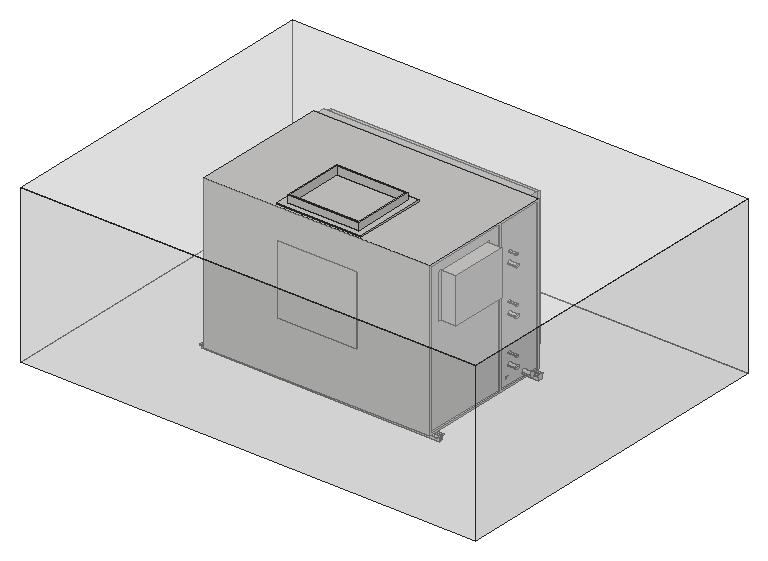
Revit family "outputfile", category 機械設備, Revit 2024
Family settings
  丸型コネクタ寸法 = 半径を使用
  パーツ タイプ = 標準
  OmniClass 番号 = 23.75.10.24.21.27.27
  OmniClass タイトル = Split System Air Conditioning Units
  作業面ベース = いいえ
  常に垂直 = はい
  ロード時にボイドで切り取り = いいえ
  注釈の向きを維持 = いいえ
  共有 = いいえ
  部屋計算ポイント = はい
Parameters (values of type "3FGN300HTL")
  Description = ""
  書き出し IFC クラス(タイプ) = "IfcUnitaryEquipmentType"
  定義済み IFC タイプ(タイプ) = "AIRCONDITIONINGUNIT"
  Cost = 0
  Type Comments = ""
  Keynote = ""
  Type Image = (empty or 0)
  Assembly Code = ""
  switch_frequency = yes
  lw_power = 930 mm
  lw_frontpanel = 620 mm
  lw_box_front = lw_box + 18 mm  # 115 mm
  lw_box = 97 mm
  lw_RA = 853 mm
  lh_liquidpipe_3 = 267 mm
  lh_liquidpipe_2 = 626 mm
  lh_height_SA = 482 mm
  lh_ld_mountinghole_height = 35 mm
  lh_height_RA = 1073 mm
  lh_hangerfixture = 35 mm
  lh_gaspipe_3 = 187 mm
  lh_gaspipe_2 = 546 mm
  lh_frontpanel_bottom = if(Width = 1766 mm, 444 mm, if(Width = 2022 mm, 479 mm, 402 mm))  # 444 mm
  lh_frontpanel = if(Width = 1766 mm, 542 mm, if(Width = 2022 mm, 542 mm, 758 mm))  # 542 mm
  lh_circlevoid = 100.5 mm
  lh_box_top = 95 mm
  lh_box = 351 mm
  lh_SA = 1291 mm
  lh_RA = 659.5 mm
  ld_void = 680 mm
  ld_frontpanel = 0 mm
  ld_depth_SA = 301 mm
  ld_depth_RA = 130 mm
  ld_circlevoid = 294.5 mm
  ld_box_left = 115 mm
  ld_box = 490 mm
  connector_voltage = Voltage_60Hz  # 220 V
  connector_powerinput = [Power Input (Cooling)]  # 31.410 kW
  connector_phase = Phase_60Hz  # 3
  製造元 = "Daikin"
  モデル = "3FGN300HTL"
  w_pipe = 33 mm
  r_Liquid Pipe Size = Liquid Pipe Size / 2  # 6.35 mm
  r_Gas Pipe Size = Gas Pipe Size / 2  # 12.7 mm
  r_Drain Pipe Size = Drain Pipe Size / 2  # 17.0 mm
  lw_powersupply = lw_power  # 930 mm
  lw_width_RA = 1636 mm
  lw_width_SA = 560 mm
  lh_suctionflange [instance] = 100 mm
  ld_suctionflange [instance] = 190 mm
  ld_powersupply = 200 mm
  angle_vertical_RA [instance] = 90.00°
  angle horizontal_RA [instance] = 180.00°
  Voltage_comment_60Hz = "220"
  Voltage_60Hz = 220 V
  URL = ""
  Sound Power Level_H speed (dB) = 0
  Phase_60Hz = 3
  Minimum External Static Pressure = 0.00 Pa
  Minimum Circuit Amps_60Hz = 0.0 A
  Maximum Fuse Amps_60Hz = 0.0 A
  Maximum External Static Pressure = 200.00 Pa
  Material_Casing = DAIKIN_GalvanizedSteel_Casing_indoorunit
  lw_liquidpipe = 933 mm
  lw_gaspipe = 933 mm
  lw_mountinghole_pitch = 1826 mm
  lw_mountinghole = 1866 mm
  lw_drainpipe = 933 mm
  lh_powersupply = 785 mm
  lh_liquidpipe = 981 mm
  lh_gaspipe = 901 mm
  lh_mountinghole = 5 mm
  lh_drainpipe = 73 mm
  lh_antena = Height - 4 mm  # 1227 mm
  ld_liquidpipe = 262.5 mm
  ld_gaspipe = 262.5 mm
  ld_mountinghole_pitch = 974 mm
  ld_drainpipe = 405.5 mm
  ld_controlbox = 626 mm
  h*** = 0 mm  # constant formula
  d_dischargeflange = 60 mm
  Width = 1766 mm
  Version = "ver.1.0"
  Unit Type = "Duct"
  Unit Mass Weight = 337.00 kg
  Unit Designation [instance] = ""
  Uniclass2015Version = "Products v1.30"
  Uniclass2015Title = "Split coil room air conditioning units"
  Uniclass2015Code = "Pr_70_65_03_86"
  Total Cooling Capacity [instance] = 0.000 kW
  Sound Pressure Level_M speed (dBA) = 0
  Sound Pressure Level_L speed (dBA) = 0
  Sound Pressure Level_H speed (dBA) = 66
  Series = "Package Aircon_Fan Coil Unit"
  Sensible Cooling Capacity [instance] = 0.000 kW
  SA Duct Size Width = 560 mm
  SA Duct Size Height = 482 mm
  Refrigerant Type = "R410A"
  RA Duct Size Width = 1636 mm
  RA Duct Size Height = 1073 mm
  Power Input (Cooling) = 31.410 kW
  Option Accessory 3 [instance] = ""
  Option Accessory 2 [instance] = ""
  Option Accessory 1 [instance] = ""
  Nominal Cooling Capacity = 87.925 kW
  Minimum Airflow = 0.00 m³/h
  Median Airflow = 0.00 m³/h
  Maximum Airflow = 15291.00 m³/h
  Load Classification = HVAC
  Liquid Pipe Size = 12.7 mm
  Link_Nested Family [instance] = ""
  IfcVersion = ""
  IfcExportType = "AIRCONDITIONINGUNIT"
  IfcExportAs = "IfcUnitaryEquipmentType"
  Height = 1231 mm
  Heat Exchanger Type = "Cross Fin Coil"
  Gas Pipe Size = 25.4 mm
  Frequency_60Hz = 60 Hz
  Fan Type = "Sirocco Fan"
  Fan Drive = "-"
  FCU Tag No. [instance] = ""
  Drain Pipe Size = 34.0 mm
  Design Supply Airflow [instance] = 0.00 m³/h
  Design Return Airflow [instance] = 0.00 m³/h
  Design External Static Pressure [instance] = 0.00 Pa
  Depth = 1069 mm
  既定の高さ = 0 mm
  Cooling Entering Wet Bulb Temperature [instance] = 0.00 °C
  Cooling Entering Dry Bulb Temperature [instance] = 0.00 °C
  Cooling Ambient Wet Bulb Temperature [instance] = 0.00 °C
  Cooling Ambient Dry Bulb Temperature [instance] = 0.00 °C
  Clearance visibility [instance] = yes
  Clearance Top = 0 mm
  Clearance Right = 1000 mm
  Clearance Rear = 800 mm
  Clearance Left = 800 mm
  Clearance Front = 800 mm
  Clearance Bottom = 0 mm
Reference planes
  plane 1 "Center (Front/Back)": y = 0
  plane 2: z = 0
  plane 3 "Center (Left/Right)": x = 0
  plane 4 "Back": y = 534.5
  plane 5 "Front": y = -534.5
  plane 6 "Left": x = -883
  plane 7 "Right": x = 883
  plane 8 "Top": z = 0
  plane 9 "Bottom": z = -1231
  plane 10: z = -250
  plane 11: z = -330
  plane 12: x = -913
  plane 13: x = 913
  plane 14: x = 933
  plane 15: x = 933
  plane 16: z = -1226
  plane 17 "Clearance Left": x = -1683
  plane 18 "Clearance Right": x = 1883
  plane 19 "Clearance Rear": y = 1334.5
  plane 20 "Clearance Front": y = -1334.5
  plane 21 "Clearance Bottom": z = -1231
  plane 22: z = -1158
  plane 23 "ld_gas": y = 262.5
  plane 24: y = 262.5
  plane 25: y = -30
  plane 26: y = 405.5
  plane 27: y = 344.5
  plane 28: x = 933
  plane 29: y = 487
  plane 30: y = -487
  plane 31: y = -233.5
  plane 32: y = 664.5
  plane 33 "Clearance Top": z = 0
  plane 34: z = -446
  plane 35: y = -200
  plane 36 "hangerfixture": z = -1196
  plane 37 "lh_SA": z = 60
  plane 38 "lh_RA": z = -571.5
  plane 39 "RA_center": x = -30
  plane 40: y = -524.5
  plane 41: y = 155.5
  plane 42: y = 524.5
  plane 43: z = -10
  plane 44: z = -1186
  plane 45: y = 165.5
  plane 46: y = -524.5
  plane 47: y = 155.5
  plane 48: y = 524.5
  plane 49: z = -10
  plane 50: z = -1186
  plane 51: y = 165.5
  plane 52: x = 865
  plane 53: x = 980
  plane 54: y = -419.5
  plane 55: y = -399.5
  plane 56: y = 50.5
  plane 57: y = 70.5
  plane 58 "box_bottom": z = -446
  plane 59 "box_top": z = -95
  plane 60: x = -310
  plane 61: x = 310
  plane 62: y = -534.5
  plane 63: y = -524.5
  plane 64 "lw_power": x = 930
  plane 65: z = -605
  plane 66: z = -685
  plane 67: z = -964
  plane 68: z = -1044
  plane 69: x = 863
  plane 70: x = -863
  plane 71: z = -787
  plane 72: z = -245
Forms (mm)
  Extrusion 1, solid, material "DAIKIN_GalvanizedSteel_Casing_indoorunit" <- "Material_Casing"
    sketch origin (0, -0.8, 0) x (1, 0, 0) y (0, 1, 0)
      loop
        line (-883, -533.7) -> (883, -533.7) -> (883, 535.3) -> (-883, 535.3) -> (-883, -533.7)
    from -1196 to 0
  Revolve 2, solid, material "DAIKIN_GalvanizedSteel_Casing_indoorunit" <- "Material_Casing"
    sketch origin (0, 0, -330) x (0, -1, 0) y (1, 0, 0)
      loop
        line (-249.8, 863) -> (-249.8, 933) -> (-262.5, 933) -> (-262.5, 863) -> (-249.8, 863)
      axis (-262.5, 863) -> (-262.5, 933)
    angle from 0 to 360
  Revolve 3, solid, material "DAIKIN_GalvanizedSteel_Casing_indoorunit" <- "Material_Casing"
    sketch origin (0, 0, -250) x (0, -1, 0) y (1, 0, 0)
      loop
        line (-262.5, 863) -> (-262.5, 933) -> (-268.85, 933) -> (-268.85, 863) -> (-262.5, 863)
      axis (-262.5, 933) -> (-262.5, 863)
    angle from 0 to 360
  Extrusion 4, solid, material "DAIKIN_GalvanizedSteel_Casing_indoorunit" <- "Material_Casing"
    sketch origin (0, 0, 0) x (0, 1, 0) y (0, 0, 1)
      loop
        circle (405.5, -1158) r 17
    from 933 to 863
  Extrusion 5, void
    sketch origin (883, 0, 0) x (0, 1, 0) y (0, 0, 1)
      loop
        line (-524.5, -10) -> (-524.5, -1186) -> (155.5, -1186) -> (155.5, -10) -> (-524.5, -10)
      loop
        line (524.5, -10) -> (165.5, -10) -> (165.5, -1186) -> (524.5, -1186) -> (524.5, -10)
    from 0 to -20
  Extrusion 6, void
    sketch origin (-883, 0, 0) x (0, 1, 0) y (0, 0, 1)
      loop
        line (-524.5, -10) -> (-524.5, -1186) -> (155.5, -1186) -> (155.5, -10) -> (-524.5, -10)
      loop
        line (524.5, -10) -> (165.5, -10) -> (165.5, -1186) -> (524.5, -1186) -> (524.5, -10)
    from 0 to 20
  Extrusion 7, solid, material "DAIKIN_GalvanizedSteel_Casing_indoorunit" <- "Material_Casing"
    sketch origin (0, 0, 0) x (1, 0, 0) y (0, 1, 0)
      loop
        line (863, -419.5) -> (865, -419.5) -> (865, -399.5) -> (980, -399.5) -> (980, 50.5) -> (865, 50.5) -> (865, 70.5) -> (863, 70.5) -> (863, -419.5)
    from -446 to -95
  Extrusion 8, solid, material "DAIKIN_GalvanizedSteel_Casing_indoorunit" <- "Material_Casing"
    sketch origin (0, 0, -1231) x (-1, 0, 0) y (0, -1, 0)
      loop
        line (310, 524.5) -> (310, 534.5) -> (-310, 534.5) -> (-310, 524.5) -> (310, 524.5)
    from 444 to 986
  Revolve 9, solid, material "DAIKIN_GalvanizedSteel_Casing_indoorunit" <- "Material_Casing"
    sketch origin (0, 0, -685) x (0, -1, 0) y (1, 0, 0)
      loop
        line (-249.8, 863) -> (-249.8, 933) -> (-262.5, 933) -> (-262.5, 863) -> (-249.8, 863)
      axis (-262.5, 863) -> (-262.5, 933)
    angle from 0 to 360
  Revolve 10, solid, material "DAIKIN_GalvanizedSteel_Casing_indoorunit" <- "Material_Casing"
    sketch origin (0, 0, -605) x (0, -1, 0) y (1, 0, 0)
      loop
        line (-262.5, 863) -> (-262.5, 933) -> (-268.85, 933) -> (-268.85, 863) -> (-262.5, 863)
      axis (-262.5, 933) -> (-262.5, 863)
    angle from 0 to 360
  Extrusion 11, void
    sketch origin (883, 0, 0) x (0, 1, 0) y (0, 0, 1)
      loop
        circle (240, -1130.5) r 13.5
    from -21 to 0
  Revolve 12, solid, material "DAIKIN_GalvanizedSteel_Casing_indoorunit" <- "Material_Casing"
    sketch origin (0, 0, -1044) x (0, -1, 0) y (1, 0, 0)
      loop
        line (-249.8, 863) -> (-249.8, 933) -> (-262.5, 933) -> (-262.5, 863) -> (-249.8, 863)
      axis (-262.5, 863) -> (-262.5, 933)
    angle from 0 to 360
  Revolve 13, solid, material "DAIKIN_GalvanizedSteel_Casing_indoorunit" <- "Material_Casing"
    sketch origin (0, 0, -964) x (0, -1, 0) y (1, 0, 0)
      loop
        line (-262.5, 863) -> (-262.5, 933) -> (-268.85, 933) -> (-268.85, 863) -> (-262.5, 863)
      axis (-262.5, 933) -> (-262.5, 863)
    angle from 0 to 360
Cuts and joins
  Extrusion 5, Extrusion 6, Extrusion 11 cuts Extrusion 1
  Extrusion 6 cuts Revolve 2
  Extrusion 6 cuts Revolve 3
  Extrusion 6 cuts Extrusion 4
Dimensions and locks
  equal spacing: plane 12, plane 3 "Center (Left/Right)", plane 13
  "lw_mountinghole_pitch": plane 12 to plane 13
  "lh_liquidpipe": plane 10 to plane 9 "Bottom"
  "lh_gaspipe": plane 11 to plane 9 "Bottom"
  equal spacing: plane 6 "Left", plane 3 "Center (Left/Right)", plane 7 "Right"
  "Width": plane 6 "Left" to plane 7 "Right"
  "Clearance Right": plane 7 "Right" to plane 18 "Clearance Right"
  "Clearance Left": plane 17 "Clearance Left" to plane 6 "Left"
  "Clearance Rear": plane 19 "Clearance Rear" to plane 4 "Back"
  "Clearance Front": plane 5 "Front" to plane 20 "Clearance Front"
  "Depth": plane 4 "Back" to plane 5 "Front"
  equal spacing: plane 4 "Back", plane 1 "Center (Front/Back)", plane 5 "Front"
  "ld_suctionflange": plane 4 "Back" to plane 27
  "r_Liquid Pipe Size": nested 5 to Revolve 3 sketch curve
  equal spacing: plane 29, plane 1 "Center (Front/Back)", plane 30
  "ld_mountinghole_pitch": plane 29 to plane 30
  "lw_liquidpipe": plane 3 "Center (Left/Right)" to plane 14
  "lw_gaspipe": plane 3 "Center (Left/Right)" to plane 15
  "lw_drainpipe": plane 3 "Center (Left/Right)" to plane 28
  "lh_drainpipe": plane 22 to plane 9 "Bottom"
  "Clearance Top": plane 33 "Clearance Top" to plane 8 "Top"
  "Clearance Bottom": plane 9 "Bottom" to plane 21 "Clearance Bottom"
  "lh_powersupply": plane 34 to plane 9 "Bottom"
  plane 8 "Top" to level = 0 mm
  "lh_hangerfixture": plane 36 "hangerfixture" to plane 9 "Bottom"
  "lh_SA": plane 37 "lh_SA" to plane 9 "Bottom"
  "ld_depth_RA": plane 32 to plane 4 "Back"
  "lh_RA": plane 38 "lh_RA" to plane 9 "Bottom"
  "lw_RA": plane 6 "Left" to plane 39 "RA_center"
  locked: plane 36 "hangerfixture" to plane 44 at 10
  plane 5 "Front" to plane 40 = 10 mm
  locked: plane 8 "Top" to plane 43 at 10
  plane 42 to plane 4 "Back" = 10 mm
  "ld_void": plane 40 to plane 41
  "ld_void": plane 46 to plane 47
  plane 5 "Front" to plane 46 = 10 mm
  plane 48 to plane 4 "Back" = 10 mm
  locked: plane 8 "Top" to plane 49 at 10
  locked: plane 50 to plane 36 "hangerfixture" at 10
  "ld_box_left": plane 54 to plane 5 "Front"
  "ld_box": plane 57 to plane 54
  locked: plane 55 to plane 54 at 20
  locked: plane 57 to plane 56 at 20
  "lw_box": plane 7 "Right" to plane 53
  "lh_box_top": plane 8 "Top" to plane 59 "box_top"
  "lh_box": plane 59 "box_top" to plane 58 "box_bottom"
  equal spacing: plane 60, plane 3 "Center (Left/Right)", plane 61
  "lw_power": plane 3 "Center (Left/Right)" to plane 64 "lw_power"
  "lh_gaspipe_2": plane 66 to plane 9 "Bottom"
  "lh_liquidpipe_2": plane 65 to plane 9 "Bottom"
  "ld_powersupply": plane 35 to plane 1 "Center (Front/Back)"
  "ld_drainpipe": plane 26 to plane 1 "Center (Front/Back)"
  "ld_gaspipe": plane 23 "ld_gas" to plane 1 "Center (Front/Back)"
  "r_Gas Pipe Size": plane 23 "ld_gas" to Revolve 9 sketch curve
  "r_Gas Pipe Size": plane 23 "ld_gas" to Revolve 2 sketch curve
  "r_Liquid Pipe Size": Revolve 10 sketch curve to plane 24
  "ld_liquidpipe": plane 24 to plane 1 "Center (Front/Back)"
  "ld_depth_SA": plane 31 to plane 5 "Front"
  "lh_circlevoid": Extrusion 11 sketch curve to plane 9 "Bottom"
  "Height": plane 8 "Top" to plane 9 "Bottom"
  "lh_mountinghole": plane 16 to plane 9 "Bottom"
  "lh_gaspipe_3": plane 68 to plane 9 "Bottom"
  "lh_liquidpipe_3": plane 67 to plane 9 "Bottom"
  "ld_circlevoid": Extrusion 11 sketch curve to plane 4 "Back"
  "lw_box_front": plane 52 to plane 53
  locked: plane 69 to plane 7 "Right" at 20
  locked: plane 6 "Left" to plane 70 at 20
  "lh_frontpanel_bottom": plane 71 to plane 9 "Bottom"
  "lh_frontpanel": plane 72 to plane 71
  "r_Gas Pipe Size": plane 24 to Revolve 12 sketch curve
  "r_Liquid Pipe Size": Revolve 13 sketch curve to plane 24
  "lw_frontpanel": plane 60 to plane 61
  locked: plane 63 to plane 5 "Front" at 10
  "ld_frontpanel": plane 5 "Front" to plane 62
  locked: plane 41 to plane 45 at 10
  locked: plane 47 to plane 51 at 10
  "r_Drain Pipe Size": radius of Extrusion 4 sketch curve
  diameter of Extrusion 11 sketch curve = 27 mm
  aligned and locked: level to plane 2
  aligned and locked: plane 8 "Top" to Extrusion 1
  aligned and locked: Revolve 2 sketch curve to Revolve 2 sketch curve
  aligned and locked: plane 14 to nested 5
  aligned and locked: nested 5 to plane 10
  aligned and locked: plane 13 to nested 2
  aligned and locked: plane 12 to nested 3
  aligned and locked: plane 12 to nested 4
  aligned and locked: nested 6 to plane 11
  aligned and locked: plane 23 "ld_gas" to nested 6
  aligned and locked: plane 24 to nested 5
  aligned and locked: Extrusion 4 sketch curve to plane 26
  aligned and locked: nested 10 to plane 19 "Clearance Rear"
  aligned and locked: nested 10 to plane 18 "Clearance Right"
  aligned and locked: nested 10 to plane 17 "Clearance Left"
  aligned and locked: nested 10 to plane 20 "Clearance Front"
  aligned and locked: plane 28 to Extrusion 4
  aligned and locked: plane 15 to nested 6  (x2)
  aligned and locked: plane 13 to nested 1
  aligned and locked: plane 26 to nested 7
  aligned and locked: nested 7 to plane 22
  aligned and locked: nested 7 to plane 28
  aligned and locked: plane 29 to nested 1
  aligned and locked: plane 30 to nested 2
  aligned and locked: nested 4 to plane 29
  aligned and locked: nested 3 to plane 30
  aligned and locked: nested 9 to plane 4 "Back"
  aligned and locked: plane 32 to nested 13
  aligned and locked: plane 3 "Center (Left/Right)" to nested 12
  aligned and locked: nested 10 to plane 33 "Clearance Top"
  aligned and locked: nested 10 to plane 21 "Clearance Bottom"
  aligned and locked: nested 11 to plane 9 "Bottom"
  aligned and locked: plane 36 "hangerfixture" to Extrusion 1
  aligned and locked: Extrusion 1 to plane 5 "Front"
  aligned and locked: Extrusion 1 to plane 4 "Back"
  aligned and locked: plane 38 "lh_RA" to nested 9
  aligned and locked: nested 13 to plane 38 "lh_RA"
  aligned and locked: plane 39 "RA_center" to nested 9
  aligned and locked: nested 13 to plane 39 "RA_center"
  aligned and locked: Extrusion 5 sketch curve to plane 43
  aligned and locked: Extrusion 5 sketch curve to plane 40
  aligned and locked: plane 44 to Extrusion 5 sketch curve
  aligned and locked: Extrusion 5 sketch curve to plane 41
  aligned and locked: plane 43 to Extrusion 5 sketch curve
  aligned and locked: Extrusion 5 sketch curve to plane 42
  aligned and locked: Extrusion 5 sketch curve to plane 44
  aligned and locked: Extrusion 5 sketch curve to plane 45
  aligned and locked: Extrusion 6 sketch curve to plane 49
  aligned and locked: Extrusion 6 sketch curve to plane 46
  aligned and locked: plane 50 to Extrusion 6 sketch curve
  aligned and locked: Extrusion 6 sketch curve to plane 47
  aligned and locked: plane 49 to Extrusion 6 sketch curve
  aligned and locked: Extrusion 6 sketch curve to plane 48
  aligned and locked: Extrusion 6 sketch curve to plane 50
  aligned and locked: Extrusion 6 sketch curve to plane 51
  aligned and locked: cut or joined group of Extrusion 1, Extrusion 5, Extrusion 6, Extrusion 11 to Extrusion 7 sketch curve
  aligned and locked: plane 57 to Extrusion 7 sketch curve
  aligned and locked: plane 53 to Extrusion 7 sketch curve
  aligned and locked: Extrusion 7 sketch curve to plane 54
  aligned and locked: plane 59 "box_top" to Extrusion 7
  aligned and locked: Extrusion 7 to plane 58 "box_bottom"
  aligned and locked: Extrusion 8 sketch curve to plane 63
  aligned and locked: Extrusion 8 sketch curve to plane 60
  aligned and locked: plane 62 to Extrusion 8 sketch curve
  aligned and locked: plane 61 to Extrusion 8 sketch curve
  aligned and locked: Revolve 9 sketch curve to Revolve 9 sketch curve
  aligned and locked: nested 15 to plane 65
  aligned and locked: nested 16 to plane 66
  aligned and locked: plane 14 to Revolve 10
  aligned and locked: nested 15 to plane 14
  aligned and locked: plane 15 to cut or joined group of Revolve 2, Extrusion 6  (x3)
  aligned and locked: cut or joined group of Revolve 2, Extrusion 6 to plane 15
  aligned and locked: nested 14 to plane 35
  aligned and locked: Revolve 2 sketch curve to plane 23 "ld_gas"
  aligned and locked: plane 23 "ld_gas" to nested 16
  aligned and locked: plane 24 to nested 15
  aligned and locked: plane 37 "lh_SA" to nested 12
  aligned and locked: plane 37 "lh_SA" to nested 8
  aligned and locked: plane 31 to nested 12
  aligned and locked: plane 31 to nested 8
  aligned and locked: cut or joined group of Extrusion 1, Extrusion 5, Extrusion 6, Extrusion 11 to cut or joined group of Extrusion 4, Extrusion 6
  aligned and locked: cut or joined group of Extrusion 1, Extrusion 5, Extrusion 6, Extrusion 11 to Revolve 10
  aligned and locked: Revolve 9 to cut or joined group of Extrusion 1, Extrusion 5, Extrusion 6, Extrusion 11
  aligned and locked: cut or joined group of Extrusion 1, Extrusion 5, Extrusion 6, Extrusion 11 to cut or joined group of Revolve 3, Extrusion 6
  aligned and locked: cut or joined group of Revolve 2, Extrusion 6 to cut or joined group of Extrusion 1, Extrusion 5, Extrusion 6, Extrusion 11
  aligned and locked: plane 52 to Extrusion 7 sketch curve
  aligned and locked: Extrusion 7 sketch curve to plane 55
  aligned and locked: Extrusion 7 sketch curve to plane 56
  aligned and locked: Extrusion 7 sketch curve to plane 52
  aligned and locked: nested 14 to plane 64 "lw_power"
  aligned and locked: nested 14 to plane 34
  aligned and locked: Revolve 12 sketch curve to Revolve 12 sketch curve
  aligned and locked: nested 17 to plane 67
  aligned and locked: nested 18 to plane 68
  aligned and locked: plane 70 to cut or joined group of Extrusion 1, Extrusion 5, Extrusion 6, Extrusion 11
  aligned and locked: Extrusion 5 to plane 69
  aligned and locked: plane 24 to nested 17
  aligned and locked: plane 23 "ld_gas" to nested 18
  aligned and locked: Extrusion 8 to plane 71
  aligned and locked: plane 72 to Extrusion 8
Automatic sketch dimensions
  Extrusion 1 sketch curve to plane 4 "Back" = 0 mm
  Extrusion 1 sketch curve to plane 6 "Left" = 0 mm
  Extrusion 1 sketch curve to plane 5 "Front" = 0 mm
  Extrusion 1 sketch curve to plane 7 "Right" = 0 mm
  Revolve 3 sketch curve to plane 23 "ld_gas" = 0 mm  (x2)
  Revolve 3 sketch curve to plane 14 = 0 mm  (x2)
  Revolve 3 sketch curve to plane 7 "Right" = 20 mm
  plane 7 "Right" to Revolve 3 sketch curve = 15 mm
  Extrusion 4 sketch curve to plane 22 = 0 mm
  Revolve 10 sketch curve to plane 23 "ld_gas" = 0 mm  (x2)
  Revolve 10 sketch curve to plane 14 = 0 mm  (x2)
  Revolve 10 sketch curve to plane 7 "Right" = 20 mm
  plane 7 "Right" to Revolve 10 sketch curve = 15 mm
  Revolve 13 sketch curve to plane 14 = 0 mm  (x2)
  Revolve 13 sketch curve to plane 23 "ld_gas" = 0 mm  (x2)
  Revolve 13 sketch curve to plane 7 "Right" = 20 mm
  plane 7 "Right" to Revolve 13 sketch curve = 15 mm
  Revolve 2 sketch curve to plane 69 = 0 mm
  Revolve 2 sketch curve to plane 14 = 0 mm
  plane 7 "Right" to Revolve 2 sketch curve = 2.003 mm
  plane 14 to Revolve 2 sketch curve = 1.003 mm
  Revolve 9 sketch curve to plane 23 "ld_gas" = 0 mm
  Revolve 9 sketch curve to plane 69 = 0 mm
  Revolve 9 sketch curve to plane 14 = 0 mm
  plane 7 "Right" to Revolve 9 sketch curve = 2.003 mm
  plane 14 to Revolve 9 sketch curve = 1.003 mm
  Revolve 12 sketch curve to plane 23 "ld_gas" = 0 mm
  Revolve 12 sketch curve to plane 69 = 0 mm
  Revolve 12 sketch curve to plane 14 = 0 mm
  plane 7 "Right" to Revolve 12 sketch curve = 2.003 mm
  plane 14 to Revolve 12 sketch curve = 1.003 mm
Nested families
  nested 1: "daikin_mountinghole" at (913, 487, -1231), Link_Nested Family <- "Link_Nested Family", h_mountinghole <- "lh_mountinghole", l_antenna <- "lh_antena", type "daikin_mountinghole"
    with show yes, l_antenna 1227 mm, h_mountinghole 5 mm, Link_Nested Family "", d_circle 23 mm
  nested 2: "daikin_mountinghole" at (913, -487, -1231), Link_Nested Family <- "Link_Nested Family", h_mountinghole <- "lh_mountinghole", l_antenna <- "lh_antena", type "daikin_mountinghole"
    with show yes, l_antenna 1227 mm, h_mountinghole 5 mm, Link_Nested Family "", d_circle 23 mm
  nested 3: "daikin_mountinghole" at (-913, -487, -1231), Link_Nested Family <- "Link_Nested Family", h_mountinghole <- "lh_mountinghole", l_antenna <- "lh_antena", type "daikin_mountinghole"
    with show yes, l_antenna 1227 mm, h_mountinghole 5 mm, Link_Nested Family "", d_circle 23 mm
  nested 4: "daikin_mountinghole" at (-913, 487, -1231), Link_Nested Family <- "Link_Nested Family", h_mountinghole <- "lh_mountinghole", l_antenna <- "lh_antena", type "daikin_mountinghole"
    with show yes, l_antenna 1227 mm, h_mountinghole 5 mm, Link_Nested Family "", d_circle 23 mm
  nested 5: "daikin_connector_rotate2" at (0, 262.5, -250) x (0, 1, 0) z (0, 0, 1), length <- "lw_liquidpipe", built-in parameter 1001364 <- "lh_liquidpipe", radius <- "r_Liquid Pipe Size", type "daikin_connector_rotate2"
    with radius 6.35 mm, length 933 mm, angle_vertical 90.00°
  nested 6: "daikin_connector_rotate2" at (0, 262.5, -330) x (0, 1, 0) z (0, 0, 1), length <- "lw_gaspipe", built-in parameter 1001364 <- "lh_gaspipe", radius <- "r_Gas Pipe Size", type "daikin_connector_rotate2"
    with radius 12.7 mm, length 933 mm, angle_vertical 90.00°
  nested 7: "daikin_connector_rotate2" at (0, 405.5, -1158) x (0, 1, 0) z (0, 0, 1), built-in parameter 1001364 <- "lh_drainpipe", length <- "lw_drainpipe", radius <- "r_Drain Pipe Size", type "daikin_connector_rotate2"
    with radius 17 mm, length 933 mm, angle_vertical 90.00°
  nested 8: "daikin_connector_rotate2" at (0, -233.5, 0) x (1, 0, 0) z (0, 1, 0), length <- "d_dischargeflange", type "daikin_connector_rotate2"
    with radius 10 mm, length 60 mm, angle_vertical 90.00°
  nested 9: "daikin_ductflange_3FGN-HTL" at (-30, 534.5, -571.5), material <- "Material_Casing", width <- "lw_width_RA", height <- "lh_height_RA", depth <- "ld_depth_RA", type "daikin_ductflange_3FGN-HTL"
    with x 15 mm, width 1636 mm, material DAIKIN_GalvanizedSteel_Casing_indoorunit, height 1073 mm, depth 130 mm
  nested 10: "daikin_clearancespace" at (100, 0, -615.381), visible <- "Clearance visibility", show <- "Clearance visibility", Link_Nested Family <- "Link_Nested Family", type "daikin_clearancespace"
    with width 3566 mm, show yes, height 1231 mm, depth 2669 mm, Link_Nested Family ""
  nested 11: "daikin_hangerfixture_3FGN-HTL" at (0, 0, -1231), type "daikin_hangerfixture_3FGN-HTL"
  nested 12: "daikin_ductflange_3FGN-HTL_1" at (0, -422.901, 0) x (1, 0, 0) z (0, 1, 0), width <- "lw_width_SA", material <- "Material_Casing", height <- "lh_height_SA", depth <- "d_dischargeflange", type "daikin_ductflange_3FGN-HTL_1"
    with width 560 mm, t 10 mm, material DAIKIN_GalvanizedSteel_Casing_indoorunit, height 482 mm, depth 60 mm
  nested 13: "daikin_connector_rotate2" at (-30, 534.5, -571.5) x (-1, 0, 0) z (0, 0, 1), length <- "ld_depth_RA", type "daikin_connector_rotate2"
    with radius 10 mm, length 130 mm, angle_vertical 90.00°
  nested 14: "daikin_connector_rotate2" at (930, -200, -95) x (0, 1, 0) z (1, 0, 0), length <- "lh_box", type "daikin_connector_rotate2"
    with radius 10 mm, length 351 mm, angle_vertical 90.00°
  nested 15: "daikin_connector_rotate2" at (0, 262.5, -605) x (0, 1, 0) z (0, 0, 1), length <- "lw_liquidpipe", built-in parameter 1001364 <- "lh_liquidpipe", radius <- "r_Liquid Pipe Size", type "daikin_connector_rotate2"
    with radius 6.35 mm, length 933 mm, angle_vertical 90.00°
  nested 16: "daikin_connector_rotate2" at (0, 262.5, -685) x (0, 1, 0) z (0, 0, 1), length <- "lw_gaspipe", built-in parameter 1001364 <- "lh_gaspipe", radius <- "r_Gas Pipe Size", type "daikin_connector_rotate2"
    with radius 12.7 mm, length 933 mm, angle_vertical 90.00°
  nested 17: "daikin_connector_rotate2" at (0, 262.5, -964) x (0, 1, 0) z (0, 0, 1), length <- "lw_liquidpipe", built-in parameter 1001364 <- "lh_liquidpipe", radius <- "r_Liquid Pipe Size", type "daikin_connector_rotate2"
    with radius 6.35 mm, length 933 mm, angle_vertical 90.00°
  nested 18: "daikin_connector_rotate2" at (0, 262.5, -1044) x (0, 1, 0) z (0, 0, 1), length <- "lw_gaspipe", built-in parameter 1001364 <- "lh_gaspipe", radius <- "r_Gas Pipe Size", type "daikin_connector_rotate2"
    with radius 12.7 mm, length 933 mm, angle_vertical 90.00°
Connectors
  piping at (933, 262.5, -330), diameter 25.4, driven by "r_Gas Pipe Size"
    settings: on nested 6, index 1, connector inside diameter 609.6 mm, connector length 0 mm, flow factor 0, pipe flow 0.00 m³/h, pressure drop 0.0 Pa, fitting loss kfactor 0, connector angle 0.00°, fixture units 0, engagement length 0 mm, angle of deflection 0.00°, flow configuration 1, flow direction 2, fitting loss method 0, system type 29, joint type 0, gender type 0, connector reference index -1, connector utility 0, adjustable connector no, is connector primary yes, connector description "Refrigerant Gas Piping"
  piping at (933, 262.5, -250), diameter 12.7, driven by "r_Liquid Pipe Size"
    settings: on nested 5, index 2, connector inside diameter 609.6 mm, connector length 0 mm, flow factor 0, pipe flow 0.00 m³/h, pressure drop 0.0 Pa, fitting loss kfactor 0, connector angle 0.00°, fixture units 0, engagement length 0 mm, angle of deflection 0.00°, flow configuration 1, flow direction 1, fitting loss method 0, system type 29, joint type 0, gender type 0, connector reference index -1, connector utility 0, adjustable connector no, is connector primary no, connector description "Refrigerant Liquid Piping"
  piping at (933, 405.5, -1158), diameter 34, driven by "r_Drain Pipe Size"
    settings: on nested 7, index 3, connector inside diameter 609.6 mm, connector length 0 mm, flow factor 0, pipe flow 0.00 m³/h, pressure drop 0.0 Pa, fitting loss kfactor 0, connector angle 0.00°, fixture units 0, engagement length 0 mm, angle of deflection 0.00°, flow configuration 1, flow direction 2, fitting loss method 4, system type 16, joint type 0, gender type 0, connector reference index -1, connector utility 0, adjustable connector no, is connector primary no, connector description "Condensate Drain Piping"
  hvac at (0, -233.5, 60), driven by "SA Duct Size Height", driven by "SA Duct Size Width"
    settings: on nested 8, index 7, duct flow 0.00 m³/h, flow factor 0, pres drop 0.00 Pa, loss coef 0, conn angle 0.00°, conn width 560.0 mm, conn height 482.0 mm, conn diameter 609.6 mm, duct sys type 1, conn prof type 1, flow config 0, flow direction 2, loss method 4, conn ref index -1, conn util no, is conn primary yes, conn desc "SA Duct"
  hvac at (-30, 664.5, -571.5), driven by "RA Duct Size Width", driven by "RA Duct Size Height"
    settings: on nested 13, index 8, duct flow 0.00 m³/h, flow factor 0, pres drop 0.00 Pa, loss coef 0, conn angle 0.00°, conn width 1636.0 mm, conn height 1073.0 mm, conn diameter 609.6 mm, duct sys type 2, conn prof type 1, flow config 0, flow direction 1, loss method 4, conn ref index -1, conn util no, is conn primary no, conn desc "RA Duct"
  electrical at (930, -200, -446), driven by "Load Classification", driven by "connector_phase", driven by "connector_powerinput", driven by "connector_voltage"
    settings: on nested 14, index 9, voltage 220 V, apparent load 31410 VA, apparent load phase1 0 VA, apparent load phase2 0 VA, apparent load phase3 0 VA, power factor 1, load classification "HVAC", number of poles 3, system type 30, power factor state 1, is connector primary yes, connector utility no, sub classification motor no, connector description "Power Supply"
  piping at (933, 262.5, -685), diameter 25.4, driven by "r_Gas Pipe Size"
    settings: on nested 16, index 10, connector inside diameter 609.6 mm, connector length 0 mm, flow factor 0, pipe flow 0.00 m³/h, pressure drop 0.0 Pa, fitting loss kfactor 0, connector angle 0.00°, fixture units 0, engagement length 0 mm, angle of deflection 0.00°, flow configuration 1, flow direction 2, fitting loss method 0, system type 29, joint type 0, gender type 0, connector reference index -1, connector utility 0, adjustable connector no, is connector primary no, connector description "Refrigerant Gas Piping"
  piping at (933, 262.5, -605), diameter 12.7, driven by "r_Liquid Pipe Size"
    settings: on nested 15, index 11, connector inside diameter 609.6 mm, connector length 0 mm, flow factor 0, pipe flow 0.00 m³/h, pressure drop 0.0 Pa, fitting loss kfactor 0, connector angle 0.00°, fixture units 0, engagement length 0 mm, angle of deflection 0.00°, flow configuration 1, flow direction 1, fitting loss method 0, system type 29, joint type 0, gender type 0, connector reference index -1, connector utility 0, adjustable connector no, is connector primary no, connector description "Refrigerant Liquid Piping"
  piping at (933, 262.5, -1044), diameter 25.4, driven by "r_Gas Pipe Size"
    settings: on nested 18, index 12, connector inside diameter 609.6 mm, connector length 0 mm, flow factor 0, pipe flow 0.00 m³/h, pressure drop 0.0 Pa, fitting loss kfactor 0, connector angle 0.00°, fixture units 0, engagement length 0 mm, angle of deflection 0.00°, flow configuration 1, flow direction 2, fitting loss method 0, system type 29, joint type 0, gender type 0, connector reference index -1, connector utility 0, adjustable connector no, is connector primary no, connector description "Refrigerant Gas Piping"
  piping at (933, 262.5, -964), diameter 12.7, driven by "r_Liquid Pipe Size"
    settings: on nested 17, index 13, connector inside diameter 609.6 mm, connector length 0 mm, flow factor 0, pipe flow 0.00 m³/h, pressure drop 0.0 Pa, fitting loss kfactor 0, connector angle 0.00°, fixture units 0, engagement length 0 mm, angle of deflection 0.00°, flow configuration 1, flow direction 1, fitting loss method 0, system type 29, joint type 0, gender type 0, connector reference index -1, connector utility 0, adjustable connector no, is connector primary no, connector description "Refrigerant Liquid Piping"
Definition of nested family "daikin_ductflange_3FGN-HTL"
  Parameters (values of type "daikin_ductflange_2FGN-HTL")
    x [instance] = if(width = 1636 mm, 15 mm, 35 mm)  # 15 mm
    width [instance] = 1636 mm
    material [instance] = none
    height [instance] = 747 mm
    depth [instance] = 130 mm
    Default Elevation = 0 mm
  Reference planes
    plane 1 "Center (Front/Back)": y = 0
    plane 2: z = 0
    plane 3 "Center (Left/Right)": x = 0
    plane 4: x = -818
    plane 5: x = 818
    plane 6: z = 373.5
    plane 7: z = -373.5
    plane 8: y = 80
    plane 9: y = 130
    plane 10: x = -813
    plane 11: x = 813
    plane 12: z = -368.5
    plane 13: z = 368.5
    plane 14: x = -833
    plane 15: x = 833
    plane 16: z = 393.5
    plane 17: z = -380
  Forms (mm)
    Extrusion 1, solid, material <- "material"
      sketch origin (0, 0, 0) x (1, 0, 0) y (0, 0, 1)
        loop
          line (-833, 393.5) -> (-833, -380) -> (833, -380) -> (833, 393.5) -> (-833, 393.5)
        loop
          line (-813, 368.5) -> (-813, -368.5) -> (813, -368.5) -> (813, 368.5) -> (-813, 368.5)
      from 0 to -80
    Extrusion 2, solid, material <- "material"
      sketch origin (0, 0, 0) x (1, 0, 0) y (0, 0, 1)
        loop
          line (-818, 373.5) -> (-818, -373.5) -> (818, -373.5) -> (818, 373.5) -> (-818, 373.5)
        loop
          line (813, 368.5) -> (-813, 368.5) -> (-813, -368.5) -> (813, -368.5) -> (813, 368.5)
      from -130 to -80
  Cuts and joins
    joined: Extrusion 1, Extrusion 2
  Dimensions and locks
    equal spacing: plane 5, plane 3 "Center (Left/Right)", plane 4
    "width": plane 5 to plane 4
    equal spacing: plane 6, level, plane 7
    "height": plane 6 to plane 7
    locked: plane 1 "Center (Front/Back)" to plane 8 at 80
    "depth": plane 1 "Center (Front/Back)" to plane 9
    plane 6 to plane 13 = 5 mm
    plane 12 to plane 7 = 5 mm
    plane 5 to plane 11 = 5 mm
    plane 10 to plane 4 = 5 mm
    "x": plane 4 to plane 14
    "x": plane 15 to plane 5
    locked: plane 16 to plane 6 at 20
    locked: plane 7 to plane 17 at 6.5
    aligned and locked: level to plane 2
    aligned and locked: Extrusion 1 to plane 8
    aligned and locked: plane 1 "Center (Front/Back)" to Extrusion 1
    aligned and locked: Extrusion 2 to plane 9
    aligned and locked: Extrusion 2 to Extrusion 1
    aligned and locked: plane 13 to Extrusion 2 sketch curve
    aligned and locked: plane 11 to Extrusion 2 sketch curve
    aligned and locked: Extrusion 2 sketch curve to plane 12
    aligned and locked: Extrusion 2 sketch curve to plane 10
    aligned and locked: Extrusion 1 sketch curve to plane 16
    aligned and locked: plane 14 to Extrusion 1 sketch curve
    aligned and locked: plane 17 to Extrusion 1 sketch curve
    aligned and locked: Extrusion 1 sketch curve to plane 15
  Automatic sketch dimensions
    Extrusion 2 sketch curve to plane 4 = 0 mm
    Extrusion 2 sketch curve to plane 5 = 0 mm
    Extrusion 2 sketch curve to plane 7 = 0 mm
    Extrusion 2 sketch curve to plane 6 = 0 mm
    plane 4 to Extrusion 1 sketch curve = 5 mm
    Extrusion 1 sketch curve to plane 5 = 5 mm
    plane 7 to Extrusion 1 sketch curve = 5 mm
    Extrusion 1 sketch curve to plane 6 = 5 mm
Definition of nested family "daikin_clearancespace"
  Parameters (values of type "daikin_clearancespace")
    Description = "daikin_clearancespace"
    width [instance] = 1823.963 mm
    show [instance] = yes
    material = none
    height [instance] = 1359.762 mm
    depth [instance] = 880 mm
    Default Elevation = 0 mm
    Link_Nested Family [instance] = ""
  Reference planes
    plane 1 "Center (Front/Back)": y = 0
    plane 2 "Center (Elevation)": z = -0.119
    plane 3 "Center (Left/Right)": x = 0
    plane 4: y = 440
    plane 5: y = -440
    plane 6 "Right": x = 911.982
    plane 7 "Left": x = -911.982
    plane 8 "Top": z = 679.762
    plane 9 "Bottom": z = -680
  Forms (mm)
    Extrusion 1, solid, material <- "material", visible <- "show"
      sketch origin (0, 0, 0) x (1, 0, 0) y (0, 1, 0)
        loop
          line (-911.982, 440) -> (-911.982, -440) -> (911.982, -440) -> (911.982, 440) -> (-911.982, 440)
      from -680 to 679.762
  Lines and regions (mm)
    symbolic lines, visible <- "show"
      curve 1: line (911.982, 440, 0) -> (-911.982, 440, 0)
      curve 2: line (-911.982, 440, 0) -> (-911.982, -440, 0)
      curve 3: line (-911.982, -440, 0) -> (911.982, -440, 0)
      curve 4: line (911.982, -440, 0) -> (911.982, 440, 0)
      curve 5: line (911.982, 0, 679.762) -> (-911.982, 0, 679.762)
      curve 6: line (911.982, 0, -680) -> (911.982, 0, 679.762)
      curve 7: line (-911.982, 0, -680) -> (911.982, 0, -680)
      curve 8: line (-911.982, 0, 679.762) -> (-911.982, 0, -680)
      curve 9: line (0, 440, 679.762) -> (0, -440, 679.762)
      curve 10: line (0, -440, 679.762) -> (0, -440, -680)
      curve 11: line (0, 440, -680) -> (0, 440, 679.762)
      curve 12: line (0, -440, -680) -> (0, 440, -680)
  Dimensions and locks
    "width": plane 7 "Left" to plane 6 "Right"
    "depth": plane 4 to plane 5
    "height": plane 8 "Top" to plane 9 "Bottom"
    equal spacing: plane 7 "Left", plane 3 "Center (Left/Right)", plane 6 "Right"
    equal spacing: plane 4, plane 1 "Center (Front/Back)", plane 5
    equal spacing: plane 8 "Top", plane 2 "Center (Elevation)", plane 9 "Bottom"
    aligned and locked: level to plane 2 "Center (Elevation)"
    aligned and locked: Extrusion 1 sketch curve to plane 4
    aligned and locked: plane 7 "Left" to Extrusion 1 sketch curve
    aligned and locked: Extrusion 1 sketch curve to plane 5
    aligned and locked: Extrusion 1 sketch curve to plane 6 "Right"
    aligned and locked: plane 8 "Top" to Extrusion 1
    aligned and locked: curve 1 to Extrusion 1
    aligned and locked: curve 2 to Extrusion 1
    aligned and locked: curve 3 to Extrusion 1
    aligned and locked: curve 4 to Extrusion 1
    aligned and locked: curve 5 to Extrusion 1
    aligned and locked: curve 6 to Extrusion 1
    aligned and locked: curve 7 to Extrusion 1
    aligned and locked: curve 8 to Extrusion 1
    aligned and locked: curve 9 to Extrusion 1
    aligned and locked: curve 10 to Extrusion 1
    aligned and locked: curve 11 to Extrusion 1
    aligned and locked: curve 12 to Extrusion 1
    aligned and locked: Extrusion 1 to plane 9 "Bottom"
Definition of nested family "daikin_hangerfixture_3FGN-HTL"
  Parameters (values of type "daikin_hangerfixture_2FGN-HTL")
    width = 1826 mm
    material = none
    height = 35 mm
    e = 40 mm
    depth = 974 mm
    Default Elevation = 0 mm
    G = 1866 mm
    E = 50 mm
  Reference planes
    plane 1 "Center (Front/Back)": y = 0
    plane 2: z = 0
    plane 3 "Center (Left/Right)": x = 0
    plane 4: x = 913
    plane 5: x = -913
    plane 6: z = 35
    plane 7: y = 487
    plane 8: y = -487
    plane 9: x = -933
    plane 10: x = 933
    plane 11: y = 527
    plane 12: y = -527
  Forms (mm)
    Extrusion 1, solid
      sketch origin (0, 0, 0) x (0, 1, 0) y (0, 0, 1)
        loop
          line (-499.93, 0) -> (-474.07, 0) -> (-474.07, 30) -> (-463.449, 30) -> (-463.449, 35) -> (-479.07, 35) -> (-479.07, 5) -> (-494.93, 5) -> (-494.93, 35) -> (-512.86, 35) -> (-512.86, 30) -> (-499.93, 30) -> (-499.93, 0)
        loop
          line (499.93, 0) -> (499.93, 30) -> (512.86, 30) -> (512.86, 35) -> (494.93, 35) -> (494.93, 5) -> (479.07, 5) -> (479.07, 35) -> (463.449, 35) -> (463.449, 30) -> (474.07, 30) -> (474.07, 0) -> (499.93, 0)
      from -933 to 933
    Extrusion 2, void
      sketch origin (0, 0, 0) x (1, 0, 0) y (0, 1, 0)
        loop
          circle (-913, 487) r 7.5
        loop
          circle (-913, -487) r 7.5
        loop
          circle (913, -487) r 7.5
        loop
          circle (913, 487) r 7.5
      from 0 to 9
  Cuts and joins
    Extrusion 2 cuts Extrusion 1
  Dimensions and locks
    "width": plane 5 to plane 4
    equal spacing: plane 5, plane 3 "Center (Left/Right)", plane 4
    "depth": plane 8 to plane 7
    equal spacing: plane 8, plane 1 "Center (Front/Back)", plane 7
    "height": plane 6 to level
    "e": plane 7 to plane 11
    "e": plane 12 to plane 8
    equal spacing: plane 9, plane 3 "Center (Left/Right)", plane 10
    "G": plane 9 to plane 10
    Extrusion 1 sketch curve to Extrusion 1 sketch curve to Extrusion 1 sketch curve to plane 8 to Extrusion 1 sketch curve to Extrusion 1 sketch curve to Extrusion 1 sketch curve = 12.93 mm locked, 5 mm locked, 7.93 mm locked, 7.93 mm locked, 5 mm locked, 10.621 mm locked
    Extrusion 1 sketch curve to Extrusion 1 sketch curve to Extrusion 1 sketch curve to plane 7 to Extrusion 1 sketch curve to Extrusion 1 sketch curve to Extrusion 1 sketch curve = 10.621 mm locked, 5 mm locked, 7.93 mm locked, 7.93 mm locked, 5 mm locked, 12.93 mm locked
    aligned and locked: level to plane 2
    aligned and locked: Extrusion 1 to plane 9
    aligned and locked: plane 10 to Extrusion 1
    aligned and locked: plane 7 to Extrusion 2 sketch curve  (x2)
    aligned and locked: plane 5 to Extrusion 2 sketch curve  (x2)
    aligned and locked: plane 8 to Extrusion 2 sketch curve  (x2)
    aligned and locked: plane 4 to Extrusion 2 sketch curve  (x2)
  Automatic sketch dimensions
    Extrusion 1 sketch curve to plane 6 = 0 mm  (x4)
    Extrusion 1 sketch curve to level = 0 mm  (x2)
    Extrusion 1 sketch curve to plane 6 = 5 mm  (x3)
    level to Extrusion 1 sketch curve = 5 mm  (x2)
    Extrusion 1 sketch curve to Extrusion 1 sketch curve = 5 mm
    radius of Extrusion 2 sketch curve = 7.5 mm  (x4)
Definition of nested family "daikin_ductflange_3FGN-HTL_1"
  Parameters (values of type "daikin_ductflange_2FDN200HTL_1")
    width [instance] = 474 mm
    t [instance] = 10 mm
    material [instance] = none
    height [instance] = 408 mm
    depth [instance] = 60 mm
    Default Elevation = 0 mm
  Reference planes
    plane 1 "Center (Front/Back)": y = 0
    plane 2: z = 189.401
    plane 3 "Center (Left/Right)": x = 0
    plane 4: y = 0
    plane 5: y = -60
    plane 6: y = -10
    plane 7: z = 393.401
    plane 8: z = -14.599
    plane 9: x = -227
    plane 10: x = 227
    plane 11: x = -237
    plane 12: x = 237
    plane 13: z = 383.401
    plane 14: z = -4.599
    plane 15: x = -287
    plane 16: z = 433.401
    plane 17: z = -54.599
    plane 18: x = 287
  Forms (mm)
    Extrusion 1, solid, material <- "material"
      sketch origin (0, 0, 0) x (1, 0, 0) y (0, 0, 1)
        loop
          line (-237, 393.401) -> (-237, -14.599) -> (237, -14.599) -> (237, 393.401) -> (-237, 393.401)
        loop
          line (-227, 383.401) -> (-227, -4.599) -> (227, -4.599) -> (227, 383.401) -> (-227, 383.401)
      from 10 to 60
    Extrusion 2, solid, material <- "material"
      sketch origin (0, 0, 0) x (1, 0, 0) y (0, 0, 1)
        loop
          line (-287, 433.401) -> (-287, -54.599) -> (287, -54.599) -> (287, 433.401) -> (-287, 433.401)
        loop
          line (-227, 383.401) -> (-227, -4.599) -> (227, -4.599) -> (227, 383.401) -> (-227, 383.401)
      from 0 to 10
  Cuts and joins
    joined: Extrusion 1, Extrusion 2
  Dimensions and locks
    plane 4 to plane 1 "Center (Front/Back)" = 0 mm
    "depth": plane 5 to plane 4
    plane 6 to plane 4 = 10 mm
    equal spacing: plane 7, level, plane 8
    "height": plane 7 to plane 8
    equal spacing: plane 10, plane 3 "Center (Left/Right)", plane 9
    "t": plane 9 to plane 11
    "t": plane 12 to plane 10
    "t": plane 7 to plane 13
    "t": plane 14 to plane 8
    plane 11 to plane 15 = 50 mm
    plane 18 to plane 12 = 50 mm
    plane 16 to plane 7 = 40 mm
    plane 8 to plane 17 = 40 mm
    "width": plane 12 to plane 11
    aligned and locked: level to plane 2
    aligned and locked: Extrusion 1 sketch curve to plane 7
    aligned and locked: plane 11 to Extrusion 1 sketch curve
    aligned and locked: plane 8 to Extrusion 1 sketch curve
    aligned and locked: Extrusion 1 sketch curve to plane 12
    aligned and locked: Extrusion 1 sketch curve to plane 13
    aligned and locked: plane 9 to Extrusion 1 sketch curve
    aligned and locked: plane 14 to Extrusion 1 sketch curve
    aligned and locked: Extrusion 1 sketch curve to plane 10
    aligned and locked: plane 6 to Extrusion 1
    aligned and locked: Extrusion 1 to plane 5
    aligned and locked: Extrusion 2 sketch curve to plane 16
    aligned and locked: plane 15 to Extrusion 2 sketch curve
    aligned and locked: plane 17 to Extrusion 2 sketch curve
    aligned and locked: Extrusion 2 sketch curve to plane 18
    aligned and locked: Extrusion 2 sketch curve to Extrusion 1  (x4)
    aligned and locked: Extrusion 2 to plane 1 "Center (Front/Back)"
    aligned and locked: Extrusion 2 to plane 6
  Automatic sketch dimensions
    Extrusion 2 sketch curve to plane 15 = 0 mm
Definition of nested family "daikin_mountinghole"
  Parameters (values of type "daikin_mountinghole")
    Default Elevation = 1219.2 mm
    Type Comments = "mountinghole"
    show [instance] = yes
    material = none
    l_centerline = 100 mm
    l_antenna [instance] = 100 mm
    h_mountinghole [instance] = 0 mm
    d_circle = 30 mm
    Link_Nested Family [instance] = ""
  Reference planes
    plane 1 "Center (Front/Back)": y = 0
    plane 2: z = 0
    plane 3 "Center (Left/Right)": x = 0
    plane 4: y = 50
    plane 5: x = -50
    plane 6: x = 50
    plane 7: y = -50
    plane 8 "h_mountinghole": z = 0
    plane 9: z = 100
  Lines and regions (mm)
    model lines, detail levels fine
      curve 1: circle (0, 0, 0) r 15 normal (0, 0, 1)
      curve 2: line (-50, 0, 0) -> (50, 0, 0)
      curve 3: line (0, 50, 0) -> (0, -50, 0)
    symbolic lines, detail levels fine
      curve 4: circle (0, 0, 0) r 15 normal (0, 0, 1)
      curve 5: line (-50, 0, 0) -> (50, 0, 0)
      curve 6: line (0, 50, 0) -> (0, -50, 0)
    model lines
      curve 7: line (0, 0, 100) -> (0, 0, 0)
  Dimensions and locks
    equal spacing: plane 4, plane 1 "Center (Front/Back)", plane 7
    "l_centerline": plane 4 to plane 7
    equal spacing: plane 5, plane 3 "Center (Left/Right)", plane 6
    "l_centerline": plane 5 to plane 6
    "l_antenna": plane 9 to plane 8 "h_mountinghole"
    "h_mountinghole": plane 8 "h_mountinghole" to plane 2
    "d_circle": diameter of curve 1
    "d_circle": diameter of curve 4
    aligned and locked: level to plane 2
    aligned and locked: plane 1 "Center (Front/Back)" to curve 1
    aligned and locked: plane 3 "Center (Left/Right)" to curve 1
    aligned and locked: plane 1 "Center (Front/Back)" to curve 2
    aligned and locked: curve 3 to plane 3 "Center (Left/Right)"
    aligned and locked: plane 6 to curve 2
    aligned and locked: plane 5 to curve 2
    aligned and locked: plane 4 to curve 3
    aligned and locked: plane 7 to curve 3
    aligned and locked: plane 1 "Center (Front/Back)" to curve 4
    aligned and locked: plane 3 "Center (Left/Right)" to curve 4
    aligned and locked: plane 6 to curve 5
    aligned and locked: plane 5 to curve 5
    aligned and locked: plane 1 "Center (Front/Back)" to curve 5
    aligned and locked: plane 4 to curve 6
    aligned and locked: plane 7 to curve 6
    aligned and locked: curve 6 to plane 3 "Center (Left/Right)"
    aligned and locked: curve 7 to plane 3 "Center (Left/Right)"
    aligned and locked: plane 9 to curve 7
    aligned and locked: plane 8 "h_mountinghole" to curve 7
Definition of nested family "daikin_connector_rotate2"
  Parameters (values of type "daikin_connector_rotate2")
    show_face = no
    radius [instance] = 10 mm
    length [instance] = 600 mm
    d_surface = 10 mm
    angle_vertical [instance] = 90.00°
    Default Elevation = 0 mm
  Reference planes
    plane 1 "Center (Front/Back)": y = 0
    plane 2: z = 0
    plane 3 "Center (Left/Right)": x = 0
  Forms (mm)
    Extrusion 1, solid, visible <- "show_face"
      sketch origin (0, -600, 0) x (1, 0, 0) y (0, 0, 1)
        loop
          circle (0, 0) r 10
      from 0 to -10
  Lines and regions (mm)
    reference lines
      curve 1: line (0, 0, 0) -> (0, -600, 0)
    symbolic lines
      curve 2: circle (0, 0, 0) r 5 normal (0, 0, 1)
    model lines, visible <- "show_face"
      curve 3: line (0, 0, 0) -> (0, -600, 0)
  Dimensions and locks
    "length": curve 1 to curve 1
    "length": curve 3 to curve 3
    "d_surface": Extrusion 1 to Extrusion 1
    "radius": radius of Extrusion 1 sketch curve
    "angle_vertical": angle curve 1 to plane 1 "Center (Front/Back)"
    "angle_vertical": angle curve 3 to plane 1 "Center (Front/Back)"
    aligned and locked: level to plane 2
    aligned and locked: plane 1 "Center (Front/Back)" to curve 1
    aligned and locked: plane 2 to curve 1
    aligned and locked: plane 1 "Center (Front/Back)" to curve 2
    aligned and locked: plane 3 "Center (Left/Right)" to curve 2
    aligned and locked: plane 1 "Center (Front/Back)" to curve 3
    aligned and locked: plane 2 to curve 3
    aligned and locked: Extrusion 1 to Extrusion 1
  Automatic sketch dimensions
    Extrusion 1 sketch curve to level = 0 mm
    Extrusion 1 sketch curve to plane 3 "Center (Left/Right)" = 0 mm
    radius of curve 2 = 5 mm
